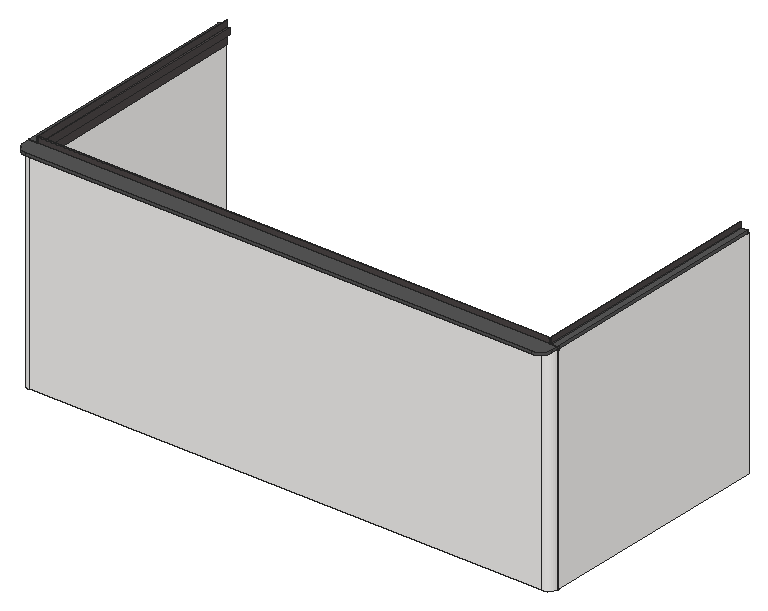
Revit family "vanity unit with 1 drawers for consoles with countertop basin ground", category Furniture, Revit 2019 (continued)
  Vanity unit 980_550 with 1 drawer for consoles with countertop basin ground-54060000-Natural Oak-CHROME-200 | "30.2" | no | no | no | no | no | no | no | no | no | no | no | yes | no | no | no | no | no | no | no | no | no | no | no | no | no | no | no | no | no | no | no | no | no | no | no | no | no | no | no | no | no | no | no | no | no | no | no | no | no | no | no | no | no | no | no | no | no | no | no | no | no | no | no | no | no | no | no | no | no | no | no | no | "CHROME" | "" | "Worldwide" | "https://pro.hansgrohe.com/articledetail--54060000" | "54060XXX" | "Natural Oak" | "Vanity unit 980/550 with 1 drawer for consoles with countertop basin ground-54060000-Natural Oak-CHROME-200" | "Xelu Q Vanity unit Natural Oak 980/550 with 1 drawer for consoles with countertop basin ground" | "Vanity unit 980/550 with 1 drawer for consoles with countertop basin ground-54060000-Natural Oak-CHROME-200" | "{$CADENAS_DATA/23d-libs/hansgrohe/xelu_furniture/vanity_unit_with_1_drawer_for_consoles_countertop/vanityunit_1_drawers_for_consoles_countertop.prj},425 {VTYP=3D},{NB=Vanity unit 980/550 with 1 drawer for consoles with countertop basin ground-54060000-Natural Oak-CHROME-200},{LINA=Vanity unit 980/550 with 1 drawer for consoles with countertop basin ground-54060000-Natural Oak-CHROME-200},{NN=Vanity Unit with 1 Drawers for consoles with countertop basin ground},{DATE=13.03.2023 03:04:52},{GEOMDATE=08.03.2023 14:00:04},{VERSION=},{LINEID=190},{WBVAR=LODLEVEL},{WBNUMERIC=}  {NB=Vanity unit 980/550 with 1 drawer for consoles with countertop basin ground-54060000-Natural Oak-CHROME-200},{LINA=Vanity unit 980/550 with 1 drawer for consoles with countertop basin ground-54060000-Natural Oak-CHROME-200},{KT=DUMMY},{IDNR=19},{ARTNR=54060000},{BASENUMBER=Vanity unit 980/550 with 1 drawer for consoles with countertop basin ground},{MODEL=54060XXX},{OBERFLAECHE=Natural Oak},{SURFACE=CHROME},{L=980},{LODLEVEL=200},{LODLEVELX='400','400','200','200'},{NAME=Xelu Q Vanity unit Natural Oak 980/550 with 1 drawer for consoles with countertop basin ground},{PERMALINK=54060XXX},{OBJECTTYPE=Object (single object)},{BIMOBJECT=Sanitary: Compound units},{PRODUCTFAMILY=Xelu Q},{PRODUCTGROUP=vanity unit},{WEIGHT=30.2},{DESCRIPTION=Xelu Q Vanity unit Natural Oak 980/550 with 1 drawer for consoles with countertop basin ground},{SPECIFICATION=},{PRODUCTURL=https://pro.hansgrohe.com/articledetail--54060000},{GTINCODE=4059625456156},{TENDERURL=},{IFC=Furnishing element},{ETIM=EC011381 | Bathroom furniture set},{UNICLASS2015=Pr_40_30_78_05 | Bathroom furniture},{OMNICLASS=23-21 19 15 33 13 | Residential Bathroom Specialty Casework},{MASTERFORMAT=12 35 30.23 | Bathroom Casework},{UNSPSC=56 | Furniture and Furnishings},{UNIFORMATII=E2010 | Fixed Furnishings},{REGIONSET=Worldwide},{DESIGN=Germany},{MANUFACTURER=Germany}" | "200" | "Vanity unit 980/550 with 1 drawer for consoles with countertop basin ground-54060000-Natural Oak-CHROME-200" | 980 | "4059625456156" | "Vanity unit 980/550 with 1 drawer for consoles with countertop basin ground" | "54060000"
  Vanity unit 980_550 with 1 drawer for consoles with countertop basin ground-54060000-Natural Oak-CHROME-400 | "30.2" | no | no | no | no | no | no | no | no | no | no | yes | no | no | no | no | no | no | no | no | no | no | no | no | no | no | no | no | no | no | no | no | no | no | no | no | no | no | no | no | no | no | no | no | no | no | no | no | no | no | no | no | no | no | no | no | no | no | no | no | no | no | no | no | no | no | no | no | no | no | no | no | no | "CHROME" | "" | "Worldwide" | "https://pro.hansgrohe.com/articledetail--54060000" | "54060XXX" | "Natural Oak" | "Vanity unit 980/550 with 1 drawer for consoles with countertop basin ground-54060000-Natural Oak-CHROME-400" | "Xelu Q Vanity unit Natural Oak 980/550 with 1 drawer for consoles with countertop basin ground" | "Vanity unit 980/550 with 1 drawer for consoles with countertop basin ground-54060000-Natural Oak-CHROME-400" | "{$CADENAS_DATA/23d-libs/hansgrohe/xelu_furniture/vanity_unit_with_1_drawer_for_consoles_countertop/vanityunit_1_drawers_for_consoles_countertop.prj},425 {VTYP=3D},{NB=Vanity unit 980/550 with 1 drawer for consoles with countertop basin ground-54060000-Natural Oak-CHROME-400},{LINA=Vanity unit 980/550 with 1 drawer for consoles with countertop basin ground-54060000-Natural Oak-CHROME-400},{NN=Vanity Unit with 1 Drawers for consoles with countertop basin ground},{DATE=13.03.2023 03:04:52},{GEOMDATE=08.03.2023 14:00:04},{VERSION=},{LINEID=190},{WBVAR=LODLEVEL},{WBNUMERIC=}  {NB=Vanity unit 980/550 with 1 drawer for consoles with countertop basin ground-54060000-Natural Oak-CHROME-400},{LINA=Vanity unit 980/550 with 1 drawer for consoles with countertop basin ground-54060000-Natural Oak-CHROME-400},{KT=DUMMY},{IDNR=19},{ARTNR=54060000},{BASENUMBER=Vanity unit 980/550 with 1 drawer for consoles with countertop basin ground},{MODEL=54060XXX},{OBERFLAECHE=Natural Oak},{SURFACE=CHROME},{L=980},{LODLEVEL=400},{LODLEVELX='400','400','200','200'},{NAME=Xelu Q Vanity unit Natural Oak 980/550 with 1 drawer for consoles with countertop basin ground},{PERMALINK=54060XXX},{OBJECTTYPE=Object (single object)},{BIMOBJECT=Sanitary: Compound units},{PRODUCTFAMILY=Xelu Q},{PRODUCTGROUP=vanity unit},{WEIGHT=30.2},{DESCRIPTION=Xelu Q Vanity unit Natural Oak 980/550 with 1 drawer for consoles with countertop basin ground},{SPECIFICATION=},{PRODUCTURL=https://pro.hansgrohe.com/articledetail--54060000},{GTINCODE=4059625456156},{TENDERURL=},{IFC=Furnishing element},{ETIM=EC011381 | Bathroom furniture set},{UNICLASS2015=Pr_40_30_78_05 | Bathroom furniture},{OMNICLASS=23-21 19 15 33 13 | Residential Bathroom Specialty Casework},{MASTERFORMAT=12 35 30.23 | Bathroom Casework},{UNSPSC=56 | Furniture and Furnishings},{UNIFORMATII=E2010 | Fixed Furnishings},{REGIONSET=Worldwide},{DESIGN=Germany},{MANUFACTURER=Germany}" | "400" | "Vanity unit 980/550 with 1 drawer for consoles with countertop basin ground-54060000-Natural Oak-CHROME-400" | 980 | "4059625456156" | "Vanity unit 980/550 with 1 drawer for consoles with countertop basin ground" | "54060000"
  Vanity unit 980_550 with 1 drawer for consoles with countertop basin ground-54060670-Natural Oak-MATT_BLACK-200 | "30.2" | no | no | no | no | no | no | no | no | no | yes | no | no | no | no | no | no | no | no | no | no | no | no | no | no | no | no | no | no | no | no | no | no | no | no | no | no | no | no | no | no | no | no | no | no | no | no | no | no | no | no | no | no | no | no | no | no | no | no | no | no | no | no | no | no | no | no | no | no | no | no | no | no | "MATT_BLACK" | "" | "Worldwide" | "https://pro.hansgrohe.com/articledetail--54060000" | "54060XXX" | "Natural Oak" | "Vanity unit 980/550 with 1 drawer for consoles with countertop basin ground-54060670-Natural Oak-MATT_BLACK-200" | "Xelu Q Vanity unit Natural Oak 980/550 with 1 drawer for consoles with countertop basin ground" | "Vanity unit 980/550 with 1 drawer for consoles with countertop basin ground-54060670-Natural Oak-MATT_BLACK-200" | "{$CADENAS_DATA/23d-libs/hansgrohe/xelu_furniture/vanity_unit_with_1_drawer_for_consoles_countertop/vanityunit_1_drawers_for_consoles_countertop.prj},433 {VTYP=3D},{NB=Vanity unit 980/550 with 1 drawer for consoles with countertop basin ground-54060670-Natural Oak-MATT_BLACK-200},{LINA=Vanity unit 980/550 with 1 drawer for consoles with countertop basin ground-54060670-Natural Oak-MATT_BLACK-200},{NN=Vanity Unit with 1 Drawers for consoles with countertop basin ground},{DATE=13.03.2023 03:04:52},{GEOMDATE=08.03.2023 14:00:04},{VERSION=},{LINEID=210},{WBVAR=LODLEVEL},{WBNUMERIC=}  {NB=Vanity unit 980/550 with 1 drawer for consoles with countertop basin ground-54060670-Natural Oak-MATT_BLACK-200},{LINA=Vanity unit 980/550 with 1 drawer for consoles with countertop basin ground-54060670-Natural Oak-MATT_BLACK-200},{KT=DUMMY},{IDNR=21},{ARTNR=54060670},{BASENUMBER=Vanity unit 980/550 with 1 drawer for consoles with countertop basin ground},{MODEL=54060XXX},{OBERFLAECHE=Natural Oak},{SURFACE=MATT_BLACK},{L=980},{LODLEVEL=200},{LODLEVELX='400','400','200','200'},{NAME=Xelu Q Vanity unit Natural Oak 980/550 with 1 drawer for consoles with countertop basin ground},{PERMALINK=54060XXX},{OBJECTTYPE=Object (single object)},{BIMOBJECT=Sanitary: Compound units},{PRODUCTFAMILY=Xelu Q},{PRODUCTGROUP=vanity unit},{WEIGHT=30.2},{DESCRIPTION=Xelu Q Vanity unit Natural Oak 980/550 with 1 drawer for consoles with countertop basin ground},{SPECIFICATION=},{PRODUCTURL=https://pro.hansgrohe.com/articledetail--54060000},{GTINCODE=4059625456156},{TENDERURL=},{IFC=Furnishing element},{ETIM=EC011381 | Bathroom furniture set},{UNICLASS2015=Pr_40_30_78_05 | Bathroom furniture},{OMNICLASS=23-21 19 15 33 13 | Residential Bathroom Specialty Casework},{MASTERFORMAT=12 35 30.23 | Bathroom Casework},{UNSPSC=56 | Furniture and Furnishings},{UNIFORMATII=E2010 | Fixed Furnishings},{REGIONSET=Worldwide},{DESIGN=Germany},{MANUFACTURER=Germany}" | "200" | "Vanity unit 980/550 with 1 drawer for consoles with countertop basin ground-54060670-Natural Oak-MATT_BLACK-200" | 980 | "4059625456156" | "Vanity unit 980/550 with 1 drawer for consoles with countertop basin ground" | "54060670"
  Vanity unit 980_550 with 1 drawer for consoles with countertop basin ground-54060670-Natural Oak-MATT_BLACK-400 | "30.2" | no | no | no | no | no | no | no | no | yes | no | no | no | no | no | no | no | no | no | no | no | no | no | no | no | no | no | no | no | no | no | no | no | no | no | no | no | no | no | no | no | no | no | no | no | no | no | no | no | no | no | no | no | no | no | no | no | no | no | no | no | no | no | no | no | no | no | no | no | no | no | no | no | "MATT_BLACK" | "" | "Worldwide" | "https://pro.hansgrohe.com/articledetail--54060000" | "54060XXX" | "Natural Oak" | "Vanity unit 980/550 with 1 drawer for consoles with countertop basin ground-54060670-Natural Oak-MATT_BLACK-400" | "Xelu Q Vanity unit Natural Oak 980/550 with 1 drawer for consoles with countertop basin ground" | "Vanity unit 980/550 with 1 drawer for consoles with countertop basin ground-54060670-Natural Oak-MATT_BLACK-400" | "{$CADENAS_DATA/23d-libs/hansgrohe/xelu_furniture/vanity_unit_with_1_drawer_for_consoles_countertop/vanityunit_1_drawers_for_consoles_countertop.prj},433 {VTYP=3D},{NB=Vanity unit 980/550 with 1 drawer for consoles with countertop basin ground-54060670-Natural Oak-MATT_BLACK-400},{LINA=Vanity unit 980/550 with 1 drawer for consoles with countertop basin ground-54060670-Natural Oak-MATT_BLACK-400},{NN=Vanity Unit with 1 Drawers for consoles with countertop basin ground},{DATE=13.03.2023 03:04:52},{GEOMDATE=08.03.2023 14:00:04},{VERSION=},{LINEID=210},{WBVAR=LODLEVEL},{WBNUMERIC=}  {NB=Vanity unit 980/550 with 1 drawer for consoles with countertop basin ground-54060670-Natural Oak-MATT_BLACK-400},{LINA=Vanity unit 980/550 with 1 drawer for consoles with countertop basin ground-54060670-Natural Oak-MATT_BLACK-400},{KT=DUMMY},{IDNR=21},{ARTNR=54060670},{BASENUMBER=Vanity unit 980/550 with 1 drawer for consoles with countertop basin ground},{MODEL=54060XXX},{OBERFLAECHE=Natural Oak},{SURFACE=MATT_BLACK},{L=980},{LODLEVEL=400},{LODLEVELX='400','400','200','200'},{NAME=Xelu Q Vanity unit Natural Oak 980/550 with 1 drawer for consoles with countertop basin ground},{PERMALINK=54060XXX},{OBJECTTYPE=Object (single object)},{BIMOBJECT=Sanitary: Compound units},{PRODUCTFAMILY=Xelu Q},{PRODUCTGROUP=vanity unit},{WEIGHT=30.2},{DESCRIPTION=Xelu Q Vanity unit Natural Oak 980/550 with 1 drawer for consoles with countertop basin ground},{SPECIFICATION=},{PRODUCTURL=https://pro.hansgrohe.com/articledetail--54060000},{GTINCODE=4059625456156},{TENDERURL=},{IFC=Furnishing element},{ETIM=EC011381 | Bathroom furniture set},{UNICLASS2015=Pr_40_30_78_05 | Bathroom furniture},{OMNICLASS=23-21 19 15 33 13 | Residential Bathroom Specialty Casework},{MASTERFORMAT=12 35 30.23 | Bathroom Casework},{UNSPSC=56 | Furniture and Furnishings},{UNIFORMATII=E2010 | Fixed Furnishings},{REGIONSET=Worldwide},{DESIGN=Germany},{MANUFACTURER=Germany}" | "400" | "Vanity unit 980/550 with 1 drawer for consoles with countertop basin ground-54060670-Natural Oak-MATT_BLACK-400" | 980 | "4059625456156" | "Vanity unit 980/550 with 1 drawer for consoles with countertop basin ground" | "54060670"
  Vanity unit 980_550 with 1 drawer for consoles with countertop basin ground-54060700-Natural Oak-MATT_WHITE-200 | "30.2" | no | no | no | no | no | no | no | yes | no | no | no | no | no | no | no | no | no | no | no | no | no | no | no | no | no | no | no | no | no | no | no | no | no | no | no | no | no | no | no | no | no | no | no | no | no | no | no | no | no | no | no | no | no | no | no | no | no | no | no | no | no | no | no | no | no | no | no | no | no | no | no | no | "MATT_WHITE" | "" | "Worldwide" | "https://pro.hansgrohe.com/articledetail--54060000" | "54060XXX" | "Natural Oak" | "Vanity unit 980/550 with 1 drawer for consoles with countertop basin ground-54060700-Natural Oak-MATT_WHITE-200" | "Xelu Q Vanity unit Natural Oak 980/550 with 1 drawer for consoles with countertop basin ground" | "Vanity unit 980/550 with 1 drawer for consoles with countertop basin ground-54060700-Natural Oak-MATT_WHITE-200" | "{$CADENAS_DATA/23d-libs/hansgrohe/xelu_furniture/vanity_unit_with_1_drawer_for_consoles_countertop/vanityunit_1_drawers_for_consoles_countertop.prj},433 {VTYP=3D},{NB=Vanity unit 980/550 with 1 drawer for consoles with countertop basin ground-54060700-Natural Oak-MATT_WHITE-200},{LINA=Vanity unit 980/550 with 1 drawer for consoles with countertop basin ground-54060700-Natural Oak-MATT_WHITE-200},{NN=Vanity Unit with 1 Drawers for consoles with countertop basin ground},{DATE=13.03.2023 03:04:52},{GEOMDATE=08.03.2023 14:00:04},{VERSION=},{LINEID=200},{WBVAR=LODLEVEL},{WBNUMERIC=}  {NB=Vanity unit 980/550 with 1 drawer for consoles with countertop basin ground-54060700-Natural Oak-MATT_WHITE-200},{LINA=Vanity unit 980/550 with 1 drawer for consoles with countertop basin ground-54060700-Natural Oak-MATT_WHITE-200},{KT=DUMMY},{IDNR=20},{ARTNR=54060700},{BASENUMBER=Vanity unit 980/550 with 1 drawer for consoles with countertop basin ground},{MODEL=54060XXX},{OBERFLAECHE=Natural Oak},{SURFACE=MATT_WHITE},{L=980},{LODLEVEL=200},{LODLEVELX='400','400','200','200'},{NAME=Xelu Q Vanity unit Natural Oak 980/550 with 1 drawer for consoles with countertop basin ground},{PERMALINK=54060XXX},{OBJECTTYPE=Object (single object)},{BIMOBJECT=Sanitary: Compound units},{PRODUCTFAMILY=Xelu Q},{PRODUCTGROUP=vanity unit},{WEIGHT=30.2},{DESCRIPTION=Xelu Q Vanity unit Natural Oak 980/550 with 1 drawer for consoles with countertop basin ground},{SPECIFICATION=},{PRODUCTURL=https://pro.hansgrohe.com/articledetail--54060000},{GTINCODE=4059625456156},{TENDERURL=},{IFC=Furnishing element},{ETIM=EC011381 | Bathroom furniture set},{UNICLASS2015=Pr_40_30_78_05 | Bathroom furniture},{OMNICLASS=23-21 19 15 33 13 | Residential Bathroom Specialty Casework},{MASTERFORMAT=12 35 30.23 | Bathroom Casework},{UNSPSC=56 | Furniture and Furnishings},{UNIFORMATII=E2010 | Fixed Furnishings},{REGIONSET=Worldwide},{DESIGN=Germany},{MANUFACTURER=Germany}" | "200" | "Vanity unit 980/550 with 1 drawer for consoles with countertop basin ground-54060700-Natural Oak-MATT_WHITE-200" | 980 | "4059625456156" | "Vanity unit 980/550 with 1 drawer for consoles with countertop basin ground" | "54060700"
  Vanity unit 980_550 with 1 drawer for consoles with countertop basin ground-54060700-Natural Oak-MATT_WHITE-400 | "30.2" | no | no | no | no | no | no | yes | no | no | no | no | no | no | no | no | no | no | no | no | no | no | no | no | no | no | no | no | no | no | no | no | no | no | no | no | no | no | no | no | no | no | no | no | no | no | no | no | no | no | no | no | no | no | no | no | no | no | no | no | no | no | no | no | no | no | no | no | no | no | no | no | no | "MATT_WHITE" | "" | "Worldwide" | "https://pro.hansgrohe.com/articledetail--54060000" | "54060XXX" | "Natural Oak" | "Vanity unit 980/550 with 1 drawer for consoles with countertop basin ground-54060700-Natural Oak-MATT_WHITE-400" | "Xelu Q Vanity unit Natural Oak 980/550 with 1 drawer for consoles with countertop basin ground" | "Vanity unit 980/550 with 1 drawer for consoles with countertop basin ground-54060700-Natural Oak-MATT_WHITE-400" | "{$CADENAS_DATA/23d-libs/hansgrohe/xelu_furniture/vanity_unit_with_1_drawer_for_consoles_countertop/vanityunit_1_drawers_for_consoles_countertop.prj},433 {VTYP=3D},{NB=Vanity unit 980/550 with 1 drawer for consoles with countertop basin ground-54060700-Natural Oak-MATT_WHITE-400},{LINA=Vanity unit 980/550 with 1 drawer for consoles with countertop basin ground-54060700-Natural Oak-MATT_WHITE-400},{NN=Vanity Unit with 1 Drawers for consoles with countertop basin ground},{DATE=13.03.2023 03:04:52},{GEOMDATE=08.03.2023 14:00:04},{VERSION=},{LINEID=200},{WBVAR=LODLEVEL},{WBNUMERIC=}  {NB=Vanity unit 980/550 with 1 drawer for consoles with countertop basin ground-54060700-Natural Oak-MATT_WHITE-400},{LINA=Vanity unit 980/550 with 1 drawer for consoles with countertop basin ground-54060700-Natural Oak-MATT_WHITE-400},{KT=DUMMY},{IDNR=20},{ARTNR=54060700},{BASENUMBER=Vanity unit 980/550 with 1 drawer for consoles with countertop basin ground},{MODEL=54060XXX},{OBERFLAECHE=Natural Oak},{SURFACE=MATT_WHITE},{L=980},{LODLEVEL=400},{LODLEVELX='400','400','200','200'},{NAME=Xelu Q Vanity unit Natural Oak 980/550 with 1 drawer for consoles with countertop basin ground},{PERMALINK=54060XXX},{OBJECTTYPE=Object (single object)},{BIMOBJECT=Sanitary: Compound units},{PRODUCTFAMILY=Xelu Q},{PRODUCTGROUP=vanity unit},{WEIGHT=30.2},{DESCRIPTION=Xelu Q Vanity unit Natural Oak 980/550 with 1 drawer for consoles with countertop basin ground},{SPECIFICATION=},{PRODUCTURL=https://pro.hansgrohe.com/articledetail--54060000},{GTINCODE=4059625456156},{TENDERURL=},{IFC=Furnishing element},{ETIM=EC011381 | Bathroom furniture set},{UNICLASS2015=Pr_40_30_78_05 | Bathroom furniture},{OMNICLASS=23-21 19 15 33 13 | Residential Bathroom Specialty Casework},{MASTERFORMAT=12 35 30.23 | Bathroom Casework},{UNSPSC=56 | Furniture and Furnishings},{UNIFORMATII=E2010 | Fixed Furnishings},{REGIONSET=Worldwide},{DESIGN=Germany},{MANUFACTURER=Germany}" | "400" | "Vanity unit 980/550 with 1 drawer for consoles with countertop basin ground-54060700-Natural Oak-MATT_WHITE-400" | 980 | "4059625456156" | "Vanity unit 980/550 with 1 drawer for consoles with countertop basin ground" | "54060700"
  Vanity unit 980_550 with 1 drawer for consoles with countertop basin ground-54061000-Dark Walnut-CHROME-200 | "30.2" | no | no | no | no | no | yes | no | no | no | no | no | no | no | no | no | no | no | no | no | no | no | no | no | no | no | no | no | no | no | no | no | no | no | no | no | no | no | no | no | no | no | no | no | no | no | no | no | no | no | no | no | no | no | no | no | no | no | no | no | no | no | no | no | no | no | no | no | no | no | no | no | no | "CHROME" | "" | "Worldwide" | "https://pro.hansgrohe.com/articledetail--54061000" | "54061XXX" | "Dark Walnut" | "Vanity unit 980/550 with 1 drawer for consoles with countertop basin ground-54061000-Dark Walnut-CHROME-200" | "Xelu Q Vanity unit Dark Walnut 980/550 with 1 drawer for consoles with countertop basin ground" | "Vanity unit 980/550 with 1 drawer for consoles with countertop basin ground-54061000-Dark Walnut-CHROME-200" | "{$CADENAS_DATA/23d-libs/hansgrohe/xelu_furniture/vanity_unit_with_1_drawer_for_consoles_countertop/vanityunit_1_drawers_for_consoles_countertop.prj},425 {VTYP=3D},{NB=Vanity unit 980/550 with 1 drawer for consoles with countertop basin ground-54061000-Dark Walnut-CHROME-200},{LINA=Vanity unit 980/550 with 1 drawer for consoles with countertop basin ground-54061000-Dark Walnut-CHROME-200},{NN=Vanity Unit with 1 Drawers for consoles with countertop basin ground},{DATE=13.03.2023 03:04:52},{GEOMDATE=08.03.2023 14:00:04},{VERSION=},{LINEID=240},{WBVAR=LODLEVEL},{WBNUMERIC=}  {NB=Vanity unit 980/550 with 1 drawer for consoles with countertop basin ground-54061000-Dark Walnut-CHROME-200},{LINA=Vanity unit 980/550 with 1 drawer for consoles with countertop basin ground-54061000-Dark Walnut-CHROME-200},{KT=DUMMY},{IDNR=24},{ARTNR=54061000},{BASENUMBER=Vanity unit 980/550 with 1 drawer for consoles with countertop basin ground},{MODEL=54061XXX},{OBERFLAECHE=Dark Walnut},{SURFACE=CHROME},{L=980},{LODLEVEL=200},{LODLEVELX='400','400','200','200'},{NAME=Xelu Q Vanity unit Dark Walnut 980/550 with 1 drawer for consoles with countertop basin ground},{PERMALINK=54061XXX},{OBJECTTYPE=Object (single object)},{BIMOBJECT=Sanitary: Compound units},{PRODUCTFAMILY=Xelu Q},{PRODUCTGROUP=vanity unit},{WEIGHT=30.2},{DESCRIPTION=Xelu Q Vanity unit Dark Walnut 980/550 with 1 drawer for consoles with countertop basin ground},{SPECIFICATION=},{PRODUCTURL=https://pro.hansgrohe.com/articledetail--54061000},{GTINCODE=4059625456125},{TENDERURL=},{IFC=Furnishing element},{ETIM=EC011381 | Bathroom furniture set},{UNICLASS2015=Pr_40_30_78_05 | Bathroom furniture},{OMNICLASS=23-21 19 15 33 13 | Residential Bathroom Specialty Casework},{MASTERFORMAT=12 35 30.23 | Bathroom Casework},{UNSPSC=56 | Furniture and Furnishings},{UNIFORMATII=E2010 | Fixed Furnishings},{REGIONSET=Worldwide},{DESIGN=Germany},{MANUFACTURER=Germany}" | "200" | "Vanity unit 980/550 with 1 drawer for consoles with countertop basin ground-54061000-Dark Walnut-CHROME-200" | 980 | "4059625456125" | "Vanity unit 980/550 with 1 drawer for consoles with countertop basin ground" | "54061000"
  Vanity unit 980_550 with 1 drawer for consoles with countertop basin ground-54061000-Dark Walnut-CHROME-400 | "30.2" | no | no | no | no | yes | no | no | no | no | no | no | no | no | no | no | no | no | no | no | no | no | no | no | no | no | no | no | no | no | no | no | no | no | no | no | no | no | no | no | no | no | no | no | no | no | no | no | no | no | no | no | no | no | no | no | no | no | no | no | no | no | no | no | no | no | no | no | no | no | no | no | no | "CHROME" | "" | "Worldwide" | "https://pro.hansgrohe.com/articledetail--54061000" | "54061XXX" | "Dark Walnut" | "Vanity unit 980/550 with 1 drawer for consoles with countertop basin ground-54061000-Dark Walnut-CHROME-400" | "Xelu Q Vanity unit Dark Walnut 980/550 with 1 drawer for consoles with countertop basin ground" | "Vanity unit 980/550 with 1 drawer for consoles with countertop basin ground-54061000-Dark Walnut-CHROME-400" | "{$CADENAS_DATA/23d-libs/hansgrohe/xelu_furniture/vanity_unit_with_1_drawer_for_consoles_countertop/vanityunit_1_drawers_for_consoles_countertop.prj},425 {VTYP=3D},{NB=Vanity unit 980/550 with 1 drawer for consoles with countertop basin ground-54061000-Dark Walnut-CHROME-400},{LINA=Vanity unit 980/550 with 1 drawer for consoles with countertop basin ground-54061000-Dark Walnut-CHROME-400},{NN=Vanity Unit with 1 Drawers for consoles with countertop basin ground},{DATE=13.03.2023 03:04:52},{GEOMDATE=08.03.2023 14:00:04},{VERSION=},{LINEID=240},{WBVAR=LODLEVEL},{WBNUMERIC=}  {NB=Vanity unit 980/550 with 1 drawer for consoles with countertop basin ground-54061000-Dark Walnut-CHROME-400},{LINA=Vanity unit 980/550 with 1 drawer for consoles with countertop basin ground-54061000-Dark Walnut-CHROME-400},{KT=DUMMY},{IDNR=24},{ARTNR=54061000},{BASENUMBER=Vanity unit 980/550 with 1 drawer for consoles with countertop basin ground},{MODEL=54061XXX},{OBERFLAECHE=Dark Walnut},{SURFACE=CHROME},{L=980},{LODLEVEL=400},{LODLEVELX='400','400','200','200'},{NAME=Xelu Q Vanity unit Dark Walnut 980/550 with 1 drawer for consoles with countertop basin ground},{PERMALINK=54061XXX},{OBJECTTYPE=Object (single object)},{BIMOBJECT=Sanitary: Compound units},{PRODUCTFAMILY=Xelu Q},{PRODUCTGROUP=vanity unit},{WEIGHT=30.2},{DESCRIPTION=Xelu Q Vanity unit Dark Walnut 980/550 with 1 drawer for consoles with countertop basin ground},{SPECIFICATION=},{PRODUCTURL=https://pro.hansgrohe.com/articledetail--54061000},{GTINCODE=4059625456125},{TENDERURL=},{IFC=Furnishing element},{ETIM=EC011381 | Bathroom furniture set},{UNICLASS2015=Pr_40_30_78_05 | Bathroom furniture},{OMNICLASS=23-21 19 15 33 13 | Residential Bathroom Specialty Casework},{MASTERFORMAT=12 35 30.23 | Bathroom Casework},{UNSPSC=56 | Furniture and Furnishings},{UNIFORMATII=E2010 | Fixed Furnishings},{REGIONSET=Worldwide},{DESIGN=Germany},{MANUFACTURER=Germany}" | "400" | "Vanity unit 980/550 with 1 drawer for consoles with countertop basin ground-54061000-Dark Walnut-CHROME-400" | 980 | "4059625456125" | "Vanity unit 980/550 with 1 drawer for consoles with countertop basin ground" | "54061000"
  Vanity unit 980_550 with 1 drawer for consoles with countertop basin ground-54061670-Dark Walnut-MATT_BLACK-200 | "30.2" | no | no | no | yes | no | no | no | no | no | no | no | no | no | no | no | no | no | no | no | no | no | no | no | no | no | no | no | no | no | no | no | no | no | no | no | no | no | no | no | no | no | no | no | no | no | no | no | no | no | no | no | no | no | no | no | no | no | no | no | no | no | no | no | no | no | no | no | no | no | no | no | no | "MATT_BLACK" | "" | "Worldwide" | "https://pro.hansgrohe.com/articledetail--54061000" | "54061XXX" | "Dark Walnut" | "Vanity unit 980/550 with 1 drawer for consoles with countertop basin ground-54061670-Dark Walnut-MATT_BLACK-200" | "Xelu Q Vanity unit Dark Walnut 980/550 with 1 drawer for consoles with countertop basin ground" | "Vanity unit 980/550 with 1 drawer for consoles with countertop basin ground-54061670-Dark Walnut-MATT_BLACK-200" | "{$CADENAS_DATA/23d-libs/hansgrohe/xelu_furniture/vanity_unit_with_1_drawer_for_consoles_countertop/vanityunit_1_drawers_for_consoles_countertop.prj},433 {VTYP=3D},{NB=Vanity unit 980/550 with 1 drawer for consoles with countertop basin ground-54061670-Dark Walnut-MATT_BLACK-200},{LINA=Vanity unit 980/550 with 1 drawer for consoles with countertop basin ground-54061670-Dark Walnut-MATT_BLACK-200},{NN=Vanity Unit with 1 Drawers for consoles with countertop basin ground},{DATE=13.03.2023 03:04:52},{GEOMDATE=08.03.2023 14:00:04},{VERSION=},{LINEID=220},{WBVAR=LODLEVEL},{WBNUMERIC=}  {NB=Vanity unit 980/550 with 1 drawer for consoles with countertop basin ground-54061670-Dark Walnut-MATT_BLACK-200},{LINA=Vanity unit 980/550 with 1 drawer for consoles with countertop basin ground-54061670-Dark Walnut-MATT_BLACK-200},{KT=DUMMY},{IDNR=22},{ARTNR=54061670},{BASENUMBER=Vanity unit 980/550 with 1 drawer for consoles with countertop basin ground},{MODEL=54061XXX},{OBERFLAECHE=Dark Walnut},{SURFACE=MATT_BLACK},{L=980},{LODLEVEL=200},{LODLEVELX='400','400','200','200'},{NAME=Xelu Q Vanity unit Dark Walnut 980/550 with 1 drawer for consoles with countertop basin ground},{PERMALINK=54061XXX},{OBJECTTYPE=Object (single object)},{BIMOBJECT=Sanitary: Compound units},{PRODUCTFAMILY=Xelu Q},{PRODUCTGROUP=vanity unit},{WEIGHT=30.2},{DESCRIPTION=Xelu Q Vanity unit Dark Walnut 980/550 with 1 drawer for consoles with countertop basin ground},{SPECIFICATION=},{PRODUCTURL=https://pro.hansgrohe.com/articledetail--54061000},{GTINCODE=4059625456125},{TENDERURL=},{IFC=Furnishing element},{ETIM=EC011381 | Bathroom furniture set},{UNICLASS2015=Pr_40_30_78_05 | Bathroom furniture},{OMNICLASS=23-21 19 15 33 13 | Residential Bathroom Specialty Casework},{MASTERFORMAT=12 35 30.23 | Bathroom Casework},{UNSPSC=56 | Furniture and Furnishings},{UNIFORMATII=E2010 | Fixed Furnishings},{REGIONSET=Worldwide},{DESIGN=Germany},{MANUFACTURER=Germany}" | "200" | "Vanity unit 980/550 with 1 drawer for consoles with countertop basin ground-54061670-Dark Walnut-MATT_BLACK-200" | 980 | "4059625456125" | "Vanity unit 980/550 with 1 drawer for consoles with countertop basin ground" | "54061670"
  Vanity unit 980_550 with 1 drawer for consoles with countertop basin ground-54061670-Dark Walnut-MATT_BLACK-400 | "30.2" | no | no | yes | no | no | no | no | no | no | no | no | no | no | no | no | no | no | no | no | no | no | no | no | no | no | no | no | no | no | no | no | no | no | no | no | no | no | no | no | no | no | no | no | no | no | no | no | no | no | no | no | no | no | no | no | no | no | no | no | no | no | no | no | no | no | no | no | no | no | no | no | no | "MATT_BLACK" | "" | "Worldwide" | "https://pro.hansgrohe.com/articledetail--54061000" | "54061XXX" | "Dark Walnut" | "Vanity unit 980/550 with 1 drawer for consoles with countertop basin ground-54061670-Dark Walnut-MATT_BLACK-400" | "Xelu Q Vanity unit Dark Walnut 980/550 with 1 drawer for consoles with countertop basin ground" | "Vanity unit 980/550 with 1 drawer for consoles with countertop basin ground-54061670-Dark Walnut-MATT_BLACK-400" | "{$CADENAS_DATA/23d-libs/hansgrohe/xelu_furniture/vanity_unit_with_1_drawer_for_consoles_countertop/vanityunit_1_drawers_for_consoles_countertop.prj},433 {VTYP=3D},{NB=Vanity unit 980/550 with 1 drawer for consoles with countertop basin ground-54061670-Dark Walnut-MATT_BLACK-400},{LINA=Vanity unit 980/550 with 1 drawer for consoles with countertop basin ground-54061670-Dark Walnut-MATT_BLACK-400},{NN=Vanity Unit with 1 Drawers for consoles with countertop basin ground},{DATE=13.03.2023 03:04:52},{GEOMDATE=08.03.2023 14:00:04},{VERSION=},{LINEID=220},{WBVAR=LODLEVEL},{WBNUMERIC=}  {NB=Vanity unit 980/550 with 1 drawer for consoles with countertop basin ground-54061670-Dark Walnut-MATT_BLACK-400},{LINA=Vanity unit 980/550 with 1 drawer for consoles with countertop basin ground-54061670-Dark Walnut-MATT_BLACK-400},{KT=DUMMY},{IDNR=22},{ARTNR=54061670},{BASENUMBER=Vanity unit 980/550 with 1 drawer for consoles with countertop basin ground},{MODEL=54061XXX},{OBERFLAECHE=Dark Walnut},{SURFACE=MATT_BLACK},{L=980},{LODLEVEL=400},{LODLEVELX='400','400','200','200'},{NAME=Xelu Q Vanity unit Dark Walnut 980/550 with 1 drawer for consoles with countertop basin ground},{PERMALINK=54061XXX},{OBJECTTYPE=Object (single object)},{BIMOBJECT=Sanitary: Compound units},{PRODUCTFAMILY=Xelu Q},{PRODUCTGROUP=vanity unit},{WEIGHT=30.2},{DESCRIPTION=Xelu Q Vanity unit Dark Walnut 980/550 with 1 drawer for consoles with countertop basin ground},{SPECIFICATION=},{PRODUCTURL=https://pro.hansgrohe.com/articledetail--54061000},{GTINCODE=4059625456125},{TENDERURL=},{IFC=Furnishing element},{ETIM=EC011381 | Bathroom furniture set},{UNICLASS2015=Pr_40_30_78_05 | Bathroom furniture},{OMNICLASS=23-21 19 15 33 13 | Residential Bathroom Specialty Casework},{MASTERFORMAT=12 35 30.23 | Bathroom Casework},{UNSPSC=56 | Furniture and Furnishings},{UNIFORMATII=E2010 | Fixed Furnishings},{REGIONSET=Worldwide},{DESIGN=Germany},{MANUFACTURER=Germany}" | "400" | "Vanity unit 980/550 with 1 drawer for consoles with countertop basin ground-54061670-Dark Walnut-MATT_BLACK-400" | 980 | "4059625456125" | "Vanity unit 980/550 with 1 drawer for consoles with countertop basin ground" | "54061670"
  Vanity unit 980_550 with 1 drawer for consoles with countertop basin ground-54061700-Dark Walnut-MATT_WHITE-200 | "30.2" | no | yes | no | no | no | no | no | no | no | no | no | no | no | no | no | no | no | no | no | no | no | no | no | no | no | no | no | no | no | no | no | no | no | no | no | no | no | no | no | no | no | no | no | no | no | no | no | no | no | no | no | no | no | no | no | no | no | no | no | no | no | no | no | no | no | no | no | no | no | no | no | no | "MATT_WHITE" | "" | "Worldwide" | "https://pro.hansgrohe.com/articledetail--54061000" | "54061XXX" | "Dark Walnut" | "Vanity unit 980/550 with 1 drawer for consoles with countertop basin ground-54061700-Dark Walnut-MATT_WHITE-200" | "Xelu Q Vanity unit Dark Walnut 980/550 with 1 drawer for consoles with countertop basin ground" | "Vanity unit 980/550 with 1 drawer for consoles with countertop basin ground-54061700-Dark Walnut-MATT_WHITE-200" | "{$CADENAS_DATA/23d-libs/hansgrohe/xelu_furniture/vanity_unit_with_1_drawer_for_consoles_countertop/vanityunit_1_drawers_for_consoles_countertop.prj},433 {VTYP=3D},{NB=Vanity unit 980/550 with 1 drawer for consoles with countertop basin ground-54061700-Dark Walnut-MATT_WHITE-200},{LINA=Vanity unit 980/550 with 1 drawer for consoles with countertop basin ground-54061700-Dark Walnut-MATT_WHITE-200},{NN=Vanity Unit with 1 Drawers for consoles with countertop basin ground},{DATE=13.03.2023 03:04:52},{GEOMDATE=08.03.2023 14:00:04},{VERSION=},{LINEID=230},{WBVAR=LODLEVEL},{WBNUMERIC=}  {NB=Vanity unit 980/550 with 1 drawer for consoles with countertop basin ground-54061700-Dark Walnut-MATT_WHITE-200},{LINA=Vanity unit 980/550 with 1 drawer for consoles with countertop basin ground-54061700-Dark Walnut-MATT_WHITE-200},{KT=DUMMY},{IDNR=23},{ARTNR=54061700},{BASENUMBER=Vanity unit 980/550 with 1 drawer for consoles with countertop basin ground},{MODEL=54061XXX},{OBERFLAECHE=Dark Walnut},{SURFACE=MATT_WHITE},{L=980},{LODLEVEL=200},{LODLEVELX='400','400','200','200'},{NAME=Xelu Q Vanity unit Dark Walnut 980/550 with 1 drawer for consoles with countertop basin ground},{PERMALINK=54061XXX},{OBJECTTYPE=Object (single object)},{BIMOBJECT=Sanitary: Compound units},{PRODUCTFAMILY=Xelu Q},{PRODUCTGROUP=vanity unit},{WEIGHT=30.2},{DESCRIPTION=Xelu Q Vanity unit Dark Walnut 980/550 with 1 drawer for consoles with countertop basin ground},{SPECIFICATION=},{PRODUCTURL=https://pro.hansgrohe.com/articledetail--54061000},{GTINCODE=4059625456125},{TENDERURL=},{IFC=Furnishing element},{ETIM=EC011381 | Bathroom furniture set},{UNICLASS2015=Pr_40_30_78_05 | Bathroom furniture},{OMNICLASS=23-21 19 15 33 13 | Residential Bathroom Specialty Casework},{MASTERFORMAT=12 35 30.23 | Bathroom Casework},{UNSPSC=56 | Furniture and Furnishings},{UNIFORMATII=E2010 | Fixed Furnishings},{REGIONSET=Worldwide},{DESIGN=Germany},{MANUFACTURER=Germany}" | "200" | "Vanity unit 980/550 with 1 drawer for consoles with countertop basin ground-54061700-Dark Walnut-MATT_WHITE-200" | 980 | "4059625456125" | "Vanity unit 980/550 with 1 drawer for consoles with countertop basin ground" | "54061700"
  Vanity unit 980_550 with 1 drawer for consoles with countertop basin ground-54061700-Dark Walnut-MATT_WHITE-400 | "30.2" | yes | no | no | no | no | no | no | no | no | no | no | no | no | no | no | no | no | no | no | no | no | no | no | no | no | no | no | no | no | no | no | no | no | no | no | no | no | no | no | no | no | no | no | no | no | no | no | no | no | no | no | no | no | no | no | no | no | no | no | no | no | no | no | no | no | no | no | no | no | no | no | no | "MATT_WHITE" | "" | "Worldwide" | "https://pro.hansgrohe.com/articledetail--54061000" | "54061XXX" | "Dark Walnut" | "Vanity unit 980/550 with 1 drawer for consoles with countertop basin ground-54061700-Dark Walnut-MATT_WHITE-400" | "Xelu Q Vanity unit Dark Walnut 980/550 with 1 drawer for consoles with countertop basin ground" | "Vanity unit 980/550 with 1 drawer for consoles with countertop basin ground-54061700-Dark Walnut-MATT_WHITE-400" | "{$CADENAS_DATA/23d-libs/hansgrohe/xelu_furniture/vanity_unit_with_1_drawer_for_consoles_countertop/vanityunit_1_drawers_for_consoles_countertop.prj},433 {VTYP=3D},{NB=Vanity unit 980/550 with 1 drawer for consoles with countertop basin ground-54061700-Dark Walnut-MATT_WHITE-400},{LINA=Vanity unit 980/550 with 1 drawer for consoles with countertop basin ground-54061700-Dark Walnut-MATT_WHITE-400},{NN=Vanity Unit with 1 Drawers for consoles with countertop basin ground},{DATE=13.03.2023 03:04:52},{GEOMDATE=08.03.2023 14:00:04},{VERSION=},{LINEID=230},{WBVAR=LODLEVEL},{WBNUMERIC=}  {NB=Vanity unit 980/550 with 1 drawer for consoles with countertop basin ground-54061700-Dark Walnut-MATT_WHITE-400},{LINA=Vanity unit 980/550 with 1 drawer for consoles with countertop basin ground-54061700-Dark Walnut-MATT_WHITE-400},{KT=DUMMY},{IDNR=23},{ARTNR=54061700},{BASENUMBER=Vanity unit 980/550 with 1 drawer for consoles with countertop basin ground},{MODEL=54061XXX},{OBERFLAECHE=Dark Walnut},{SURFACE=MATT_WHITE},{L=980},{LODLEVEL=400},{LODLEVELX='400','400','200','200'},{NAME=Xelu Q Vanity unit Dark Walnut 980/550 with 1 drawer for consoles with countertop basin ground},{PERMALINK=54061XXX},{OBJECTTYPE=Object (single object)},{BIMOBJECT=Sanitary: Compound units},{PRODUCTFAMILY=Xelu Q},{PRODUCTGROUP=vanity unit},{WEIGHT=30.2},{DESCRIPTION=Xelu Q Vanity unit Dark Walnut 980/550 with 1 drawer for consoles with countertop basin ground},{SPECIFICATION=},{PRODUCTURL=https://pro.hansgrohe.com/articledetail--54061000},{GTINCODE=4059625456125},{TENDERURL=},{IFC=Furnishing element},{ETIM=EC011381 | Bathroom furniture set},{UNICLASS2015=Pr_40_30_78_05 | Bathroom furniture},{OMNICLASS=23-21 19 15 33 13 | Residential Bathroom Specialty Casework},{MASTERFORMAT=12 35 30.23 | Bathroom Casework},{UNSPSC=56 | Furniture and Furnishings},{UNIFORMATII=E2010 | Fixed Furnishings},{REGIONSET=Worldwide},{DESIGN=Germany},{MANUFACTURER=Germany}" | "400" | "Vanity unit 980/550 with 1 drawer for consoles with countertop basin ground-54061700-Dark Walnut-MATT_WHITE-400" | 980 | "4059625456125" | "Vanity unit 980/550 with 1 drawer for consoles with countertop basin ground" | "54061700"
